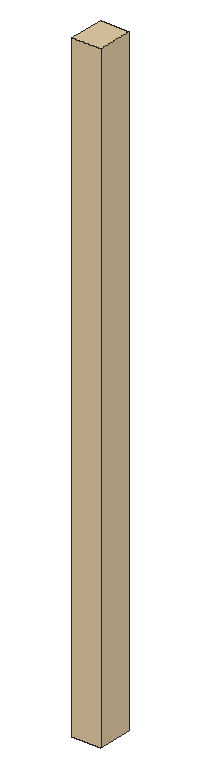
Revit family "Techlam Standard Post-112mm", category Structural Columns, Revit 2016
Family settings
  Section Shape = Not Defined
  Material for Model Behavior = Wood
  Always export as geometry = No
  Beam cutback in plan = From bounding box
  Cut with Voids When Loaded = No
  Symbolic Representation = From Project Settings
  Shared = No
  Show family pre-cut in plan views = Yes
Parameters (values of type "140 x 112")
  b = 112 mm
  d = 140 mm
  Structural Material [instance] = Wood - Dimensional Lumber
Types (21, lengths in mm): name | d
  88 x 112 | 88
  135 x 112 | 135
  140 x 112 | 140
  180 x 112 | 180
  190 x 112 | 190
  225 x 112 | 225
  240 x 112 | 240
  270 x 112 | 270
  290 x 112 | 290
  315 x 112 | 315
  360 x 112 | 360
  405 x 112 | 405
  450 x 112 | 450
  495 x 112 | 495
  540 x 112 | 540
  585 x 112 | 585
  630 x 112 | 630
  675 x 112 | 675
  720 x 112 | 720
  765 x 112 | 765
  810 x 112 | 810
Reference planes
  plane 1 "Center (Front/Back)": y = 0
  plane 2: z = 0
  plane 3 "Center (Left/Right)": x = 0
  plane 4: x = -56
  plane 5: x = 56
  plane 6: y = 70
  plane 7: y = -70
Forms (mm)
  Extrusion 1, solid, material "Wood - Dimensional Lumber" <- "Structural Material", detail levels medium+fine
    sketch origin (0, 0, 0) x (1, 0, 0) y (0, 1, 0)
      loop
        line (-56, 70) -> (-56, -70) -> (56, -70) -> (56, 70) -> (-56, 70)
    from 0 to 2500
Lines and regions (mm)
  symbolic lines, style "StructuralColumnStickSymbols", detail levels coarse
    curve 1: line (-56, 70, 0) -> (56, 70, 0)
    curve 2: line (-56, -70, 0) -> (56, -70, 0)
    curve 3: line (-56, 70, 0) -> (-56, -70, 0)
    curve 4: line (56, 70, 0) -> (56, -70, 0)
Dimensions and locks
  equal spacing: plane 4, plane 3 "Center (Left/Right)", plane 5
  equal spacing: plane 7, plane 1 "Center (Front/Back)", plane 6
  "d": plane 7 to plane 6
  "b": plane 4 to plane 5
  aligned and locked: plane 6 to Extrusion 1 sketch curve
  aligned and locked: Extrusion 1 sketch curve to plane 7
  aligned and locked: Extrusion 1 sketch curve to plane 4
  aligned and locked: plane 5 to Extrusion 1 sketch curve
  aligned and locked: level to Extrusion 1
  aligned and locked: level to plane 2
  aligned and locked: Extrusion 1 to plane 2
Automatic sketch dimensions
  curve 3 to plane 4 = 0 mm
  curve 4 to plane 5 = 0 mm
  curve 3 to plane 7 = 0 mm
  curve 3 to plane 6 = 0 mm
